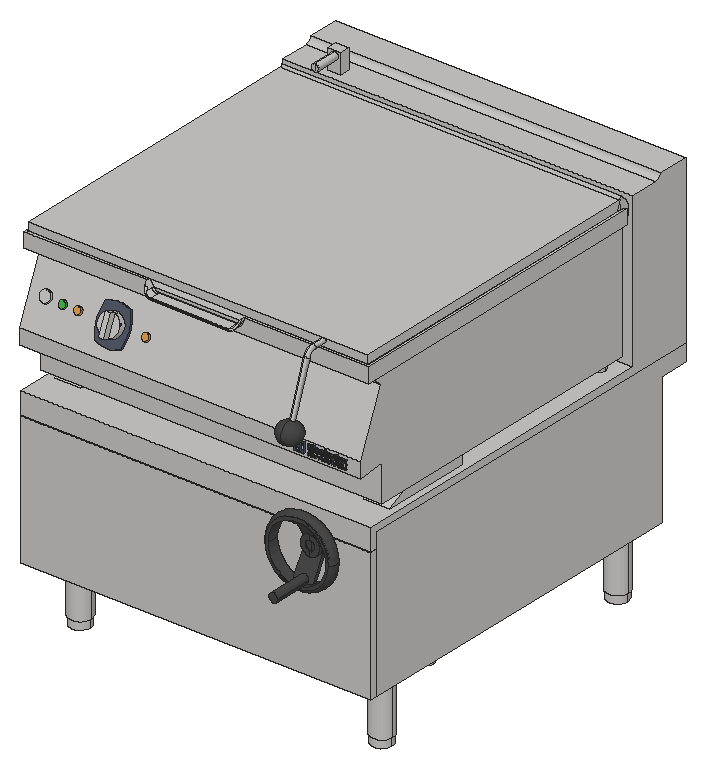
Revit family "QF_ELECTROLUXPROFESSIONAL_391416_E9PPBDBAME", category Specialty Equipment, Revit 2018
Family settings
  Round Connector Dimension = Use Diameter
  Part Type = Normal
  Work Plane-Based = No
  Always vertical = Yes
  Cut with Voids When Loaded = No
  Shared = No
  Room Calculation Point = No
Parameters (values of type "Standard")
  Weight = 150.00 kg
  Watts = 0 W
  Volts = 380 V
  URL Manufacturer = "https://www.electroluxprofessional.com/"
  URL = "https://www.electroluxprofessional.com/"
  Steam Supply Size = 0"
  Steam Supply Minimum Pressure = 0.00 psi
  Steam Supply Maximum Pressure = 0.00 psi
  Steam Pounds per Hour = 0
  Show Logo [instance] = yes
  Show Clearance [instance] = yes
  Refrigeration Suction Line Size = 0 mm
  Refrigeration Liquid Line Size = 0 mm
  Refrigerant Compressor Remote = yes
  Phase = 3
  Model = "E9PPBDBAME"
  Manufacturer = "Electrolux Professional"
  Length Actual = 800 mm  # constant formula
  Item Number = "391416"
  Hot Water Size = 0"
  Height Actual = 850 mm  # constant formula
  HP = "17.4 HP"
  Gas Size = 0"
  Gas KW = 0
  Gas Input Pressure = 0.0 Btu/h
  Direct Waste Size = 0"
  Description = "80LT EL.BRATT PAN DUOMAT BOTTOM (AUS)"
  Depth Actual = 930 mm  # constant formula
  Cycle = 50 Hz
  Condensate Return Size = 0"
  Compressed Air Volume = 0 GPM
  Compressed Air Size = 0"
  Compressed Air Pressure = 0.00 psi
  Cold Water Size = 3/4"
  Assembly Code = ""
  Accessory = yes
Reference planes
  plane 1 "BACK": y = 0
  plane 2: z = 0
  plane 3 "LEFT": x = 0
  plane 4 "RIGHT": x = 800
  plane 5 "FRONT": y = -915
  plane 6 "TOP": z = 898
  plane 7 "Center Y": x = 400
  plane 8 "Center X": y = -457.5
  plane 9 "Base": z = 149
  plane 10: z = 502.193
  plane 11: z = 1653
  plane 12: y = -125
  plane 13: y = -799
  plane 14: y = -1034
  plane 15: x = 55
  plane 16: y = -160.853
  plane 17: x = 745
  plane 18: y = -1014
  plane 19: y = -899.182
  plane 20: x = 786
  plane 21: z = 850
  plane 22: x = 389
  plane 23: y = -702.182
  plane 24: y = -760.182
  plane 25: x = 340
Forms (mm)
  Revolve 1, solid, material "QF_Finishes_Stainless Steel"
    sketch origin (0, -125, 0) x (1, 0, 0) y (0, 0, 1)
      loop
        line (55, 0) -> (55, 149) -> (29.6, 149) -> (29.6, 19.05) -> (32.1, 19.05) -> (32.1, 0) -> (55, 0)
      axis (55, 0) -> (55, 149)
    angle from 0 to 360
  Revolve 2, solid, material "QF_Finishes_Stainless Steel"
    sketch origin (0, -799, 0) x (1, 0, 0) y (0, 0, 1)
      loop
        line (55, 0) -> (55, 149) -> (29.6, 149) -> (29.6, 19.05) -> (32.1, 19.05) -> (32.1, 0) -> (55, 0)
      axis (55, 0) -> (55, 149)
    angle from 0 to 360
  Extrusion 3, solid, material "QF_Finishes_Stainless Steel"
    sketch origin (0, -214.682, 0) x (0, 1, 0) y (0, 0, 1)
      loop
        line (214.682, 487.193) -> (214.682, 866.248) -> (143.055, 866.248)
        arc (143.055, 866.248) -> (139.432, 857.502) -> (130.686, 853.88) r 12.368
        line (130.686, 853.88) -> (64.682, 853.88) -> (64.682, 502.193) -> (-684.5, 502.193) -> (-684.5, 452.193) -> (-669.5, 452.193) -> (-669.5, 487.193) -> (214.682, 487.193)
      loop
        line (-669.5, 149) -> (-669.5, 451.193) -> (-684.5, 451.193) -> (-684.5, 149) -> (-669.5, 149)
    from 0 to 800
  Extrusion 4, solid, material "QF_Finishes_Stainless Steel"
    sketch origin (0, -214.682, 0) x (0, 1, 0) y (0, 0, 1)
      loop
        line (44.029, 528.406) -> (44.029, 817.127) -> (-678.5, 817.127) -> (-678.5, 809.681) -> (-643.264, 774.446) -> (-700.318, 641.094) -> (-700.318, 606.094) -> (-640.765, 613.406) -> (-640.765, 528.406) -> (44.029, 528.406)
    from 10 to 790
  Sweep 5, solid, material "QF_Finishes_Stainless Steel"
    path origin (0, -204.882, 145) x (-1, 0, 0) y (0, -1, 0)
      loop
        line (-290, 694.3) -> (-5, 694.3) -> (-5, -44.029) -> (-795, -44.029) -> (-795, 694.3) -> (-510, 694.3)
    profile origin (652.5, -899.182, 145) x (0, -1, 0) y (0, 0, 1)
      loop
        line (-5, 651.359) -> (0, 651.359) -> (0, 685.301) -> (-6, 685.301) -> (-6, 681.062) -> (-5, 681.062) -> (-5, 651.359)
  Extrusion 6, solid, material "QF_Finishes_Stainless Steel"
    sketch origin (0, -214.682, -5) x (0, 1, 0) y (0, 0, 1)
      loop
        line (33.715, 835.301) -> (42.572, 855) -> (-677.138, 855) -> (-677.138, 835.301) -> (33.715, 835.301)
      loop
        arc (64.305, 837.022) -> (57.071, 850.749) -> (45.92, 861.539) r 49.182
        line (45.92, 861.539) -> (39.069, 846.301) -> (45.904, 846.301) -> (45.904, 832.604) -> (64.305, 814.204) -> (64.305, 837.022)
    from 12.363 to 787.637
  Extrusion 7, solid, material "QF_Finishes_Stainless Steel"
    sketch origin (0, -214.682, 0) x (0, 1, 0) y (0, 0, 1)
      loop
        line (-403.818, 528.406) -> (-556.057, 528.406) -> (-609.801, 502.193) -> (-403.818, 502.193) -> (-403.818, 528.406)
    from 16.63 to 76.513
  Extrusion 8, solid, material "QF_Finishes_Stainless Steel"
    sketch origin (0, -207.182, 150) x (-1, 0, 0) y (0, -1, 0)
      loop
        circle (-46.571, -17.496) r 15
      loop
        circle (-753.429, -17.496) r 15
    from 352.193 to 383.406
  Extrusion 9, solid, material "QF_Finishes_Stainless Steel"
    sketch origin (0, -64.682, 0) x (0, 1, 0) y (0, 0, 1)
      loop
        line (-43.387, 853.88) -> (-43.387, 898) -> (-67.444, 898) -> (-67.444, 853.88) -> (-43.387, 853.88)
    from 87.469 to 116.843
  Revolve 10, solid, material "QF_Finishes_Stainless Steel"
    sketch origin (103.25, -64.682, 0) x (0, 1, 0) y (0, 0, 1)
      loop
        line (-67.444, 888.097) -> (-67.444, 896.222) -> (-123.629, 896.222) -> (-123.629, 888.097) -> (-67.444, 888.097)
      axis (-123.629, 888.097) -> (-67.444, 888.097)
    angle from 0 to 360
  Extrusion 11, solid, material "QF_Clearances", visible <- "Show Clearance", detail levels coarse
    sketch origin (0, -214.682, 0) x (1, 0, 0) y (0, 1, 0)
      loop
        line (800, 214.682) -> (800, -700.318) -> (850, -700.318) -> (850, 264.682) -> (-50, 264.682) -> (-50, -700.318) -> (0, -700.318) -> (0, 214.682) -> (800, 214.682)
    from 0 to 898
  Extrusion 12, solid, material "QF_Finishes_Stainless Steel"
    sketch origin (800, 0, 0) x (0, 1, 0) y (0, 0, 1)
      loop
        line (-884.182, 149) -> (-69, 149) -> (-69, 448) -> (0, 448) -> (0, 487.193) -> (-884.182, 487.193) -> (-884.182, 149)
    from 0 to -800
  Revolve 13, solid, material "QF_Finishes_Stainless Steel"
    sketch origin (1000, -125, 0) x (-1, 0, 0) y (0, 0, -1)
      loop
        line (255, 0) -> (232.1, 0) -> (232.1, -19.05) -> (229.6, -19.05) -> (229.6, -149) -> (255, -149) -> (255, 0)
      axis (255, 0) -> (255, -149)
    angle from 0 to 360
  Revolve 14, solid, material "QF_Finishes_Stainless Steel"
    sketch origin (1000, -799, 0) x (-1, 0, 0) y (0, 0, -1)
      loop
        line (255, 0) -> (232.1, 0) -> (232.1, -19.05) -> (229.6, -19.05) -> (229.6, -149) -> (255, -149) -> (255, 0)
      axis (255, 0) -> (255, -149)
    angle from 0 to 360
  Sweep 15, solid, material "QF_Finishes_Stainless Steel"
    path origin (8.84, -214.682, -10) x (0, 1, 0) y (0, 0, 1)
      loop
        line (-677.138, 852.831) -> (-705.492, 852.831)
        arc (-705.492, 852.831) -> (-716.963, 849.214) -> (-724.286, 839.672) r 20
        line (-724.286, 839.672) -> (-765.322, 726.924)
    profile origin (8.84, -905.997, 842.831) x (0, 0, -1) y (1, 0, 0)
      loop
        circle (0, 676.16) r 5
  Revolve 16, solid, material "QF_Finishes_Black"
    sketch origin (685, -194.682, 0) x (0, 1, 0) y (0, 0, 1)
      loop
        line (-785.322, 716.924) -> (-792.738, 719.623)
        arc (-792.738, 719.623) -> (-818.978, 701.075) -> (-800.713, 674.638) r 22.845
        line (-800.713, 674.638) -> (-785.322, 716.924)
      axis (-785.322, 716.924) -> (-800.713, 674.638)
    angle from 0 to 360
  Extrusion 17, solid, material "QF_Finishes_Stainless Steel"
    sketch origin (800, -69, 149) x (-1, 0, 0) y (0, 1, 0)
      loop
        circle (14, -649.182) r 12.7
    from 0 to 5
  Extrusion 18, solid, material "QF_Finishes_Stainless Steel"
    sketch origin (-3.75, -899.182, 149) x (0, 0, 1) y (-1, 0, 0)
      loop
        circle (289.443, -688.75) r 30
    from 0 to 5
  Extrusion 19, solid, material "QF_Finishes_Stainless Steel"
    sketch origin (800, -214.682, 0) x (0, 1, 0) y (0, 0, -1)
      loop
        line (-403.818, -528.406) -> (-403.818, -502.193) -> (-609.801, -502.193) -> (-556.057, -528.406) -> (-403.818, -528.406)
    from 16.63 to 76.513
  Revolve 20, solid, material "QF_Finishes_Black"
    sketch origin (685, -200.682, -28.57) x (0, 1, 0) y (0, 0, 1)
      loop
        line (-698.5, 467.193) -> (-698.5, 477.193) -> (-713.5, 477.193) -> (-713.5, 482.193) -> (-718.5, 482.193) -> (-718.5, 489.514) -> (-728.5, 489.514) -> (-728.5, 478.353) -> (-727.138, 478.353) -> (-727.138, 467.193) -> (-698.5, 467.193)
      axis (-698.5, 467.193) -> (-728.5, 467.193)
    angle from 0 to 360
  Sweep 21, solid, material "QF_Finishes_Black"
    path origin (10, -200.682, -28.57) x (1, 0, 0) y (0, 0, 1)
      loop
        circle (675, 467.193) r 80
    profile origin (685, -200.682, 518.623) x (0, 0, -1) y (0, -1, 0)
      loop
        arc (7.394, 765.784) -> (0.586, 756.102) -> (1.641, 744.313) r 17.21
        line (1.641, 744.313) -> (7.394, 740.784) -> (14.116, 740.784) -> (14.116, 765.784) -> (7.394, 765.784)
  Extrusion 22, solid, material "QF_Finishes_Black"
    sketch origin (10, -200.682, -28.57) x (0, 1, 0) y (0, 0, 1)
      loop
        line (-713.5, 457.193) -> (-713.5, 477.193) -> (-744.313, 533.065) -> (-751.622, 533.065) -> (-719.104, 474.103) -> (-719.104, 460.284) -> (-751.622, 401.321) -> (-744.313, 401.321) -> (-713.5, 457.193)
    from 654.029 to 698.392
  Extrusion 23, solid, material "QF_Finishes_Black"
    sketch origin (10, -200.682, -28.57) x (1, 0, 0) y (0, 0, 1)
      loop
        circle (675, 406.31) r 10
    from 742.86 to 833.318
  Extrusion 24, solid, material "QF_Finishes_Stainless Steel"
    sketch origin (0, -201.682, -15.905) x (1, 0, 0) y (0, 0, 1)
      loop
        line (509.996, 839.805) -> (509.996, 846.205) -> (502.677, 833.527)
        arc (502.677, 833.527) -> (496.674, 827.524) -> (488.474, 825.327) r 16.4
        line (488.474, 825.327) -> (311.526, 825.327)
        arc (311.526, 825.327) -> (303.32, 827.526) -> (297.312, 833.534) r 16.413
        line (297.312, 833.534) -> (289.996, 846.205) -> (289.996, 839.805) -> (294.541, 831.934)
        arc (294.541, 831.934) -> (301.72, 824.755) -> (311.526, 822.127) r 19.613
        line (311.526, 822.127) -> (488.474, 822.127)
        arc (488.474, 822.127) -> (498.274, 824.753) -> (505.448, 831.927) r 19.6
        line (505.448, 831.927) -> (509.996, 839.805)
    from 697.5 to 717.595
  Extrusion 25, void
    sketch origin (900, 188.397, 1219.2) x (0, -1, 0) y (0, 0, 1)
      loop
        line (1110.167, -415.736) -> (1110.167, -387.945) -> (1093.05, -387.945) -> (1110.167, -415.736)
    from 390 to 610
  Extrusion 26, solid, material "QF_Finishes_Navy Blue"
    sketch origin (-55.546, -1052.067, 320.727) x (0, 0.393353, 0.919387) y (-1, 0, 0)
      loop
        arc (453.989, -230.321) -> (416.907, -221.34) -> (379.375, -228.202) r 91.844
        arc (379.375, -228.202) -> (372.249, -258.844) -> (379.375, -289.487) r 69.441
        arc (379.375, -289.487) -> (416.897, -296.198) -> (453.989, -287.419) r 93.759
        arc (453.989, -287.419) -> (460.218, -258.87) -> (453.989, -230.321) r 68.543
    from 0 to 3.175
  Extrusion 27, solid, material "QF_Finishes_Orange"
    sketch origin (9.372, -901.482, 672.689) x (0, 0.393353, 0.919387) y (-1, 0, 0)
      loop
        circle (34.513, -113.251) r 8
    from 0 to 3.175
  Extrusion 28, solid, material "QF_Finishes_Green"
    sketch origin (14.068, -901.51, 672.624) x (0, 0.393353, 0.919387) y (-1, 0, 0)
      loop
        circle (34.513, -73.251) r 8
    from 0 to 3.175
  Extrusion 29, solid, material "QF_Finishes_Stainless Steel"
    sketch origin (-159.296, -918.156, 641.79) x (0, 0.393353, 0.919387) y (-1, 0, 0)
      loop
        circle (68.826, -362.213) r 25.4
    from 0 to 12.7
  Extrusion 30, solid, material "QF_Finishes_Stainless Steel"
    sketch origin (-159.296, -929.832, 646.786) x (0, 0.393353, 0.919387) y (-1, 0, 0)
      loop
        arc (93.558, -367.999) -> (94.226, -362.213) -> (93.558, -356.427) r 25.4
        line (93.558, -356.427) -> (44.094, -356.427)
        arc (44.094, -356.427) -> (43.426, -362.213) -> (44.094, -367.999) r 25.4
        line (44.094, -367.999) -> (93.558, -367.999)
    from 0 to 12.7
  Extrusion 31, solid, material "QF_Finishes_Stainless Steel"
    sketch origin (10.937, -915, 641.094) x (0, 0.393353, 0.919387) y (-1, 0, 0)
      loop
        circle (71.473, -36.635) r 12.7
    from 0 to 3.2
  Extrusion 32, solid, material "QF_Finishes_Orange"
    sketch origin (164.372, -901.482, 672.689) x (0, 0.393353, 0.919387) y (-1, 0, 0)
      loop
        circle (34.513, -113.251) r 8
    from 0 to 3.175
  Extrusion 33, solid, material "QF_Clearances", visible <- "Show Clearance", detail levels coarse
    sketch origin (0, -996.643, 709.193) x (0, 0.238373, -0.971174) y (0, 0.971174, 0.238373)
      loop
        line (33.715, 835.301) -> (42.572, 855) -> (-677.138, 855) -> (-677.138, 835.301) -> (33.715, 835.301)
      loop
        arc (64.305, 837.022) -> (57.071, 850.749) -> (45.92, 861.539) r 49.182
        line (45.92, 861.539) -> (39.069, 846.301) -> (45.904, 846.301) -> (45.904, 832.604) -> (64.305, 814.204) -> (64.305, 837.022)
    from 12.363 to 787.637
  Sweep 34, solid, material "QF_Clearances", visible <- "Show Clearance", detail levels coarse
    path origin (8.84, -1001.499, 708.002) x (0, 0.238373, -0.971174) y (0, 0.971174, 0.238373)
      loop
        line (-677.138, 852.831) -> (-705.492, 852.831)
        arc (-705.492, 852.831) -> (-716.963, 849.214) -> (-724.286, 839.672) r 20
        line (-724.286, 839.672) -> (-765.322, 726.924)
    profile origin (8.84, -338.043, 1582.68) x (0, -0.971174, -0.238373) y (1, 0, 0)
      loop
        circle (0, 676.16) r 5
  Revolve 35, solid, material "QF_Clearances", visible <- "Show Clearance", detail levels coarse
    sketch origin (685, -987.02, 690.962) x (0, 0.238373, -0.971174) y (0, 0.971174, 0.238373)
      loop
        line (-785.322, 716.924) -> (-792.738, 719.623)
        arc (-792.738, 719.623) -> (-818.978, 701.075) -> (-800.713, 674.638) r 22.845
        line (-800.713, 674.638) -> (-785.322, 716.924)
      axis (-785.322, 716.924) -> (-800.713, 674.638)
    angle from 0 to 360
  Extrusion 36, solid, material "QF_Finishes_Navy Blue", visible <- "Show Logo"
    sketch origin (486.175, -915, 608.853) x (0, 0, 1) y (-1, 0, 0)
      loop
        line (26.951, -165.54) -> (5.387, -165.54)
        arc (5.387, -165.54) -> (16.169, -173.512) -> (26.951, -165.54) r 11.278
      loop
        arc (26.951, -164.444) -> (24.913, -155.475) -> (16.794, -151.154) r 11.052
        line (16.794, -151.154) -> (16.794, -154.722)
        arc (16.794, -154.722) -> (19.381, -161.095) -> (25.39, -164.444) r 10.359
        line (25.39, -164.444) -> (26.951, -164.444)
      loop
        arc (6.948, -164.444) -> (12.957, -161.095) -> (15.544, -154.722) r 10.359
        line (15.544, -154.722) -> (15.544, -151.154)
        arc (15.544, -151.154) -> (7.358, -155.468) -> (5.11, -164.444) r 11.341
        line (5.11, -164.444) -> (6.948, -164.444)
      loop
        line (28.128, -150.336) -> (4.161, -150.336) -> (4.161, -174.336) -> (28.128, -174.336) -> (28.128, -150.336)
      loop
        spline (16.361, -188.464) -> (16.369, -188.263) -> (16.397, -188.049) -> (16.447, -187.828) -> (16.523, -187.605) -> (16.628, -187.386) -> (16.766, -187.177) -> (16.939, -186.985) -> (17.152, -186.814) -> (17.407, -186.671) -> (17.709, -186.562) -> (18.059, -186.492) -> (18.462, -186.467)
        line (18.462, -186.467) -> (20.251, -186.467) -> (20.251, -192.37) -> (22.531, -192.37) -> (22.531, -186.466) -> (25.85, -186.466) -> (25.85, -192.746) -> (28.124, -192.746) -> (28.124, -184.05) -> (18.566, -184.05)
        spline (18.566, -184.05) -> (17.978, -184.071) -> (17.424, -184.137) -> (16.905, -184.248) -> (16.424, -184.406) -> (15.983, -184.612) -> (15.583, -184.866) -> (15.226, -185.171) -> (14.914, -185.528) -> (14.649, -185.937) -> (14.434, -186.401) -> (14.269, -186.919) -> (14.157, -187.495)
        line (14.157, -187.495) -> (14.089, -188.444) -> (14.089, -192.915) -> (16.361, -192.915) -> (16.361, -188.464)
      loop
        line (21.492, -194.632) -> (14.086, -194.632) -> (14.086, -197.049) -> (28.128, -197.049) -> (28.128, -194.632) -> (21.492, -194.632)
      loop
        spline (18.571, -208.979) -> (19.331, -208.995) -> (20.067, -208.922) -> (20.77, -208.763) -> (21.436, -208.522) -> (22.055, -208.2) -> (22.623, -207.802) -> (23.132, -207.331) -> (23.576, -206.789) -> (23.947, -206.18) -> (24.24, -205.507) -> (24.447, -204.772) -> (24.561, -203.98)
        spline (24.561, -203.98) -> (24.517, -203.228) -> (24.388, -202.513) -> (24.178, -201.84) -> (23.889, -201.216) -> (23.524, -200.646) -> (23.088, -200.134) -> (22.582, -199.687) -> (22.011, -199.309) -> (21.378, -199.005) -> (20.686, -198.782) -> (19.937, -198.644) -> (19.137, -198.597)
        spline (19.137, -198.597) -> (18.356, -198.643) -> (17.626, -198.777) -> (16.949, -198.995) -> (16.331, -199.293) -> (15.772, -199.666) -> (15.278, -200.111) -> (14.851, -200.623) -> (14.494, -201.198) -> (14.211, -201.832) -> (14.005, -202.519) -> (13.878, -203.257) -> (13.836, -204.041)
        spline (13.836, -204.041) -> (13.845, -204.424) -> (13.874, -204.802) -> (13.924, -205.175) -> (13.997, -205.545) -> (14.096, -205.909) -> (14.223, -206.27) -> (14.378, -206.625) -> (14.564, -206.976) -> (14.783, -207.322) -> (15.037, -207.664) -> (15.328, -208) -> (15.657, -208.331)
        line (15.657, -208.331) -> (17.073, -206.874)
        spline (17.073, -206.874) -> (16.889, -206.682) -> (16.719, -206.489) -> (16.566, -206.293) -> (16.427, -206.093) -> (16.305, -205.887) -> (16.198, -205.673) -> (16.108, -205.449) -> (16.033, -205.213) -> (15.975, -204.965) -> (15.933, -204.701) -> (15.908, -204.421) -> (15.9, -204.122)
        spline (15.9, -204.122) -> (15.921, -203.685) -> (15.985, -203.275) -> (16.089, -202.893) -> (16.233, -202.542) -> (16.413, -202.224) -> (16.628, -201.939) -> (16.878, -201.691) -> (17.159, -201.479) -> (17.471, -201.308) -> (17.811, -201.177) -> (18.178, -201.089) -> (18.571, -201.046)
        line (18.571, -201.046) -> (18.571, -208.979)
      loop
        spline (20.271, -206.55) -> (20.57, -206.527) -> (20.857, -206.458) -> (21.131, -206.348) -> (21.387, -206.199) -> (21.624, -206.014) -> (21.839, -205.797) -> (22.028, -205.55) -> (22.189, -205.276) -> (22.32, -204.98) -> (22.416, -204.663) -> (22.476, -204.329) -> (22.497, -203.98)
        spline (22.497, -203.98) -> (22.476, -203.607) -> (22.417, -203.248) -> (22.322, -202.905) -> (22.194, -202.584) -> (22.034, -202.285) -> (21.847, -202.013) -> (21.633, -201.77) -> (21.396, -201.56) -> (21.139, -201.385) -> (20.864, -201.25) -> (20.574, -201.156) -> (20.271, -201.107)
        line (20.271, -201.107) -> (20.271, -206.55)
      loop
        spline (19.198, -212.675) -> (19.648, -212.703) -> (20.074, -212.784) -> (20.475, -212.915) -> (20.846, -213.093) -> (21.184, -213.314) -> (21.487, -213.576) -> (21.752, -213.875) -> (21.976, -214.207) -> (22.155, -214.571) -> (22.286, -214.961) -> (22.368, -215.376) -> (22.395, -215.812)
        spline (22.395, -215.812) -> (22.387, -216.079) -> (22.362, -216.336) -> (22.321, -216.581) -> (22.264, -216.816) -> (22.192, -217.042) -> (22.105, -217.259) -> (22.002, -217.467) -> (21.886, -217.668) -> (21.755, -217.861) -> (21.611, -218.047) -> (21.453, -218.228) -> (21.283, -218.402)
        line (21.283, -218.402) -> (22.841, -219.9)
        spline (22.841, -219.9) -> (23.139, -219.602) -> (23.407, -219.295) -> (23.645, -218.979) -> (23.855, -218.656) -> (24.037, -218.324) -> (24.192, -217.985) -> (24.32, -217.639) -> (24.424, -217.286) -> (24.503, -216.926) -> (24.558, -216.56) -> (24.591, -216.189) -> (24.601, -215.812)
        spline (24.601, -215.812) -> (24.555, -215.057) -> (24.418, -214.333) -> (24.195, -213.648) -> (23.893, -213.008) -> (23.516, -212.418) -> (23.068, -211.886) -> (22.556, -211.419) -> (21.984, -211.021) -> (21.357, -210.701) -> (20.681, -210.465) -> (19.959, -210.318) -> (19.198, -210.268)
        spline (19.198, -210.268) -> (18.437, -210.318) -> (17.716, -210.465) -> (17.039, -210.701) -> (16.412, -211.021) -> (15.84, -211.419) -> (15.328, -211.886) -> (14.881, -212.418) -> (14.503, -213.008) -> (14.201, -213.648) -> (13.979, -214.333) -> (13.842, -215.057) -> (13.795, -215.812)
        spline (13.795, -215.812) -> (13.806, -216.189) -> (13.838, -216.56) -> (13.894, -216.926) -> (13.973, -217.286) -> (14.076, -217.639) -> (14.205, -217.985) -> (14.36, -218.324) -> (14.542, -218.656) -> (14.751, -218.979) -> (14.99, -219.295) -> (15.257, -219.602) -> (15.556, -219.9)
        line (15.556, -219.9) -> (17.114, -218.402)
        spline (17.114, -218.402) -> (16.943, -218.228) -> (16.786, -218.047) -> (16.641, -217.861) -> (16.511, -217.668) -> (16.394, -217.467) -> (16.292, -217.259) -> (16.204, -217.042) -> (16.132, -216.816) -> (16.075, -216.581) -> (16.034, -216.336) -> (16.009, -216.079) -> (16.001, -215.812)
        spline (16.001, -215.812) -> (16.029, -215.376) -> (16.11, -214.961) -> (16.242, -214.571) -> (16.421, -214.207) -> (16.644, -213.875) -> (16.909, -213.576) -> (17.212, -213.314) -> (17.551, -213.093) -> (17.922, -212.915) -> (18.322, -212.784) -> (18.748, -212.703) -> (19.198, -212.675)
      loop
        spline (16.358, -226.063) -> (16.354, -225.85) -> (16.37, -225.622) -> (16.41, -225.384) -> (16.477, -225.143) -> (16.575, -224.905) -> (16.708, -224.675) -> (16.88, -224.461) -> (17.095, -224.267) -> (17.357, -224.1) -> (17.669, -223.965) -> (18.036, -223.87) -> (18.462, -223.819)
        line (18.462, -223.819) -> (22.044, -223.819) -> (22.044, -226.018) -> (24.24, -226.018) -> (24.24, -223.822) -> (28.128, -223.822) -> (28.128, -221.405) -> (18.325, -221.405)
        spline (18.325, -221.405) -> (17.756, -221.457) -> (17.221, -221.55) -> (16.722, -221.687) -> (16.26, -221.867) -> (15.838, -222.093) -> (15.456, -222.365) -> (15.118, -222.685) -> (14.824, -223.053) -> (14.577, -223.471) -> (14.378, -223.94) -> (14.229, -224.46) -> (14.132, -225.034)
        line (14.132, -225.034) -> (14.086, -226.054) -> (16.358, -226.063)
      loop
        spline (24.381, -234.197) -> (24.407, -233.778) -> (24.399, -233.376) -> (24.36, -232.99) -> (24.289, -232.622) -> (24.188, -232.273) -> (24.058, -231.943) -> (23.901, -231.635) -> (23.716, -231.349) -> (23.505, -231.087) -> (23.27, -230.849) -> (23.011, -230.636) -> (22.73, -230.45)
        line (22.73, -230.45) -> (24.24, -230.45) -> (24.24, -228.052) -> (14.086, -228.052) -> (14.086, -230.45) -> (19.425, -230.45)
        spline (19.425, -230.45) -> (19.83, -230.472) -> (20.207, -230.537) -> (20.555, -230.643) -> (20.873, -230.788) -> (21.159, -230.972) -> (21.412, -231.192) -> (21.63, -231.448) -> (21.811, -231.736) -> (21.955, -232.056) -> (22.059, -232.406) -> (22.123, -232.784) -> (22.145, -233.189)
        line (22.145, -233.189) -> (22.044, -234.197) -> (24.381, -234.197)
      loop
        spline (19.163, -245.648) -> (19.908, -245.597) -> (20.618, -245.45) -> (21.287, -245.212) -> (21.909, -244.892) -> (22.48, -244.494) -> (22.993, -244.026) -> (23.443, -243.494) -> (23.823, -242.904) -> (24.129, -242.265) -> (24.354, -241.581) -> (24.494, -240.86) -> (24.542, -240.108)
        spline (24.542, -240.108) -> (24.494, -239.351) -> (24.354, -238.627) -> (24.129, -237.941) -> (23.823, -237.301) -> (23.443, -236.712) -> (22.993, -236.181) -> (22.48, -235.714) -> (21.909, -235.318) -> (21.287, -234.999) -> (20.618, -234.763) -> (19.908, -234.617) -> (19.163, -234.567)
        spline (19.163, -234.567) -> (18.418, -234.617) -> (17.708, -234.763) -> (17.039, -234.999) -> (16.417, -235.318) -> (15.846, -235.714) -> (15.333, -236.181) -> (14.883, -236.712) -> (14.502, -237.301) -> (14.197, -237.941) -> (13.971, -238.627) -> (13.831, -239.351) -> (13.784, -240.108)
        spline (13.784, -240.108) -> (13.831, -240.86) -> (13.971, -241.581) -> (14.197, -242.265) -> (14.502, -242.904) -> (14.883, -243.494) -> (15.333, -244.026) -> (15.846, -244.494) -> (16.417, -244.892) -> (17.039, -245.212) -> (17.708, -245.45) -> (18.418, -245.597) -> (19.163, -245.648)
      loop
        spline (19.163, -243.25) -> (19.602, -243.222) -> (20.021, -243.14) -> (20.417, -243.008) -> (20.785, -242.829) -> (21.123, -242.606) -> (21.427, -242.344) -> (21.693, -242.044) -> (21.919, -241.71) -> (22.101, -241.347) -> (22.235, -240.956) -> (22.318, -240.542) -> (22.346, -240.108)
        spline (22.346, -240.108) -> (22.318, -239.669) -> (22.235, -239.252) -> (22.101, -238.86) -> (21.919, -238.496) -> (21.693, -238.163) -> (21.427, -237.864) -> (21.123, -237.602) -> (20.785, -237.381) -> (20.417, -237.204) -> (20.021, -237.073) -> (19.602, -236.993) -> (19.163, -236.965)
        spline (19.163, -236.965) -> (18.723, -236.993) -> (18.304, -237.073) -> (17.909, -237.204) -> (17.541, -237.381) -> (17.203, -237.602) -> (16.899, -237.864) -> (16.632, -238.163) -> (16.406, -238.496) -> (16.225, -238.86) -> (16.091, -239.252) -> (16.008, -239.669) -> (15.979, -240.108)
        spline (15.979, -240.108) -> (16.008, -240.542) -> (16.091, -240.956) -> (16.225, -241.347) -> (16.406, -241.71) -> (16.632, -242.044) -> (16.899, -242.344) -> (17.203, -242.606) -> (17.541, -242.829) -> (17.909, -243.008) -> (18.304, -243.14) -> (18.723, -243.222) -> (19.163, -243.25)
      loop
        line (21.735, -247.134) -> (14.086, -247.134) -> (14.086, -249.553) -> (28.128, -249.553) -> (28.128, -247.134) -> (21.735, -247.134)
      loop
        line (24.24, -258.272) -> (18.337, -258.272)
        spline (18.337, -258.272) -> (17.953, -258.252) -> (17.607, -258.196) -> (17.298, -258.104) -> (17.025, -257.979) -> (16.788, -257.824) -> (16.584, -257.639) -> (16.415, -257.429) -> (16.277, -257.194) -> (16.172, -256.937) -> (16.098, -256.66) -> (16.054, -256.365) -> (16.04, -256.055)
        spline (16.04, -256.055) -> (16.054, -255.745) -> (16.098, -255.45) -> (16.172, -255.173) -> (16.277, -254.916) -> (16.413, -254.682) -> (16.582, -254.471) -> (16.784, -254.287) -> (17.019, -254.132) -> (17.29, -254.007) -> (17.595, -253.915) -> (17.937, -253.859) -> (18.316, -253.839)
        line (18.316, -253.839) -> (24.24, -253.839) -> (24.24, -251.401) -> (18.115, -251.401)
        spline (18.115, -251.401) -> (17.421, -251.445) -> (16.79, -251.57) -> (16.22, -251.771) -> (15.713, -252.043) -> (15.267, -252.379) -> (14.881, -252.774) -> (14.556, -253.221) -> (14.292, -253.715) -> (14.086, -254.249) -> (13.94, -254.818) -> (13.853, -255.415) -> (13.824, -256.035)
        spline (13.824, -256.035) -> (13.853, -256.661) -> (13.942, -257.263) -> (14.09, -257.836) -> (14.298, -258.375) -> (14.567, -258.873) -> (14.896, -259.324) -> (15.287, -259.722) -> (15.74, -260.061) -> (16.254, -260.335) -> (16.832, -260.538) -> (17.472, -260.665) -> (18.176, -260.708)
        line (18.176, -260.708) -> (24.24, -260.708) -> (24.24, -258.272)
      loop
        line (17.333, -269.856) -> (19.465, -268.331) -> (22.037, -270.219) -> (24.239, -271.836) -> (24.239, -269.197) -> (21.197, -267) -> (24.239, -264.785) -> (24.239, -262.166) -> (22.185, -263.668) -> (19.445, -265.671) -> (16.52, -263.571) -> (14.086, -261.823) -> (14.086, -264.422) -> (17.672, -267) -> (14.086, -269.579) -> (14.086, -272.178) -> (17.333, -269.856)
      loop
        line (9.015, -185.409) -> (9.015, -183.539) -> (4.161, -183.539) -> (4.161, -184.537) -> (5.806, -184.537) -> (5.806, -185.409)
        arc (5.806, -185.409) -> (7.41, -187.014) -> (9.015, -185.409) r 1.605
      loop
        arc (6.731, -185.476) -> (7.41, -186.056) -> (8.089, -185.476) r 0.687
        line (8.089, -185.476) -> (8.089, -184.537) -> (6.731, -184.537) -> (6.731, -185.476)
      loop
        line (9.015, -193.025) -> (9.015, -191.122) -> (4.161, -191.122) -> (4.161, -192.12) -> (5.833, -192.12) -> (5.833, -192.986) -> (4.161, -193.838) -> (4.161, -194.971) -> (6.078, -193.806)
        arc (6.078, -193.806) -> (6.645, -194.415) -> (7.45, -194.627) r 1.499
        arc (7.45, -194.627) -> (8.559, -194.145) -> (9.015, -193.025) r 1.602
      loop
        line (8.097, -193.005) -> (8.097, -192.12) -> (6.743, -192.12) -> (6.743, -193.005)
        arc (6.743, -193.005) -> (7.42, -193.556) -> (8.097, -193.005) r 0.691
      loop
        circle (6.588, -201.168) r 2.521
      loop
        circle (6.588, -201.168) r 1.6
      loop
        line (9.015, -207.864) -> (4.161, -207.864) -> (4.161, -208.862) -> (6.156, -208.862) -> (6.156, -210.689) -> (7.073, -210.689) -> (7.073, -208.862) -> (8.098, -208.862) -> (8.098, -210.864) -> (9.015, -210.864) -> (9.015, -207.864)
      loop
        line (9.015, -214.982) -> (5.735, -214.982)
        arc (5.735, -214.982) -> (4.623, -215.429) -> (4.161, -216.535) r 1.554
        line (4.161, -216.535) -> (4.161, -218.103) -> (5.078, -218.103) -> (5.078, -216.944)
        arc (5.078, -216.944) -> (5.427, -216.196) -> (6.223, -215.98) r 0.979
        line (6.223, -215.98) -> (6.223, -217.921) -> (7.141, -217.921) -> (7.141, -215.98) -> (8.098, -215.98) -> (8.098, -218.056) -> (9.015, -218.056) -> (9.015, -214.982)
      loop
        line (7.742, -224.632) -> (8.234, -225.349)
        arc (8.234, -225.349) -> (8.882, -224.684) -> (9.095, -223.78) r 1.738
        arc (9.095, -223.78) -> (8.894, -222.994) -> (8.386, -222.36) r 1.926
        arc (8.386, -222.36) -> (7.749, -222.275) -> (7.12, -222.404) r 1.936
        arc (7.12, -222.404) -> (6.653, -222.836) -> (6.356, -223.4) r 1.881
        arc (6.356, -223.4) -> (6.185, -223.835) -> (5.972, -224.252) r 4.917
        arc (5.972, -224.252) -> (5.357, -224.498) -> (4.996, -223.943) r 0.523
        arc (4.996, -223.943) -> (5.232, -223.24) -> (5.739, -222.7) r 1.738
        line (5.739, -222.7) -> (5.26, -221.938)
        arc (5.26, -221.938) -> (4.761, -222.24) -> (4.38, -222.681) r 1.867
        arc (4.38, -222.681) -> (4.141, -223.241) -> (4.08, -223.846) r 2.013
        arc (4.08, -223.846) -> (4.229, -224.594) -> (4.587, -225.268) r 2.629
        arc (4.587, -225.268) -> (5.379, -225.566) -> (6.211, -225.413) r 1.579
        arc (6.211, -225.413) -> (6.594, -225.08) -> (6.872, -224.656) r 1.83
        arc (6.872, -224.656) -> (7.111, -224.119) -> (7.318, -223.568) r 9.64
        arc (7.318, -223.568) -> (7.812, -223.25) -> (8.179, -223.71) r 0.439
        arc (8.179, -223.71) -> (8.066, -224.221) -> (7.742, -224.632) r 1.168
      loop
        line (9.015, -237.028) -> (4.161, -237.028) -> (4.161, -238.027) -> (9.015, -238.027) -> (9.015, -237.028)
      loop
        circle (6.588, -244.756) r 1.51
      loop
        circle (6.588, -244.756) r 2.521
      loop
        line (4.161, -251.452) -> (4.161, -252.461) -> (7.213, -252.461) -> (4.161, -254.682) -> (4.161, -255.652) -> (9.015, -255.652) -> (9.015, -254.644) -> (5.87, -254.644) -> (9.015, -252.423) -> (9.015, -251.452) -> (4.161, -251.452)
      loop
        line (4.161, -260.684) -> (5.208, -261.157) -> (5.208, -262.953) -> (4.161, -263.425) -> (4.161, -264.498) -> (9.015, -262.025) -> (4.161, -259.613) -> (4.161, -260.684)
      loop
        line (7.2, -262.055) -> (6.204, -261.605) -> (6.204, -262.505) -> (7.2, -262.055)
      loop
        line (5.078, -269.456) -> (9.015, -269.456) -> (9.015, -268.457) -> (4.161, -268.457) -> (4.161, -271.322) -> (5.078, -271.322) -> (5.078, -269.456)
      loop
        line (7.742, -231.965) -> (8.234, -232.682)
        arc (8.234, -232.682) -> (8.882, -232.017) -> (9.095, -231.114) r 1.738
        arc (9.095, -231.114) -> (8.894, -230.327) -> (8.386, -229.693) r 1.926
        arc (8.386, -229.693) -> (7.749, -229.609) -> (7.12, -229.737) r 1.936
        arc (7.12, -229.737) -> (6.653, -230.169) -> (6.356, -230.733) r 1.881
        arc (6.356, -230.733) -> (6.185, -231.168) -> (5.972, -231.586) r 4.917
        arc (5.972, -231.586) -> (5.357, -231.831) -> (4.996, -231.276) r 0.523
        arc (4.996, -231.276) -> (5.232, -230.573) -> (5.739, -230.033) r 1.738
        line (5.739, -230.033) -> (5.26, -229.271)
        arc (5.26, -229.271) -> (4.761, -229.573) -> (4.38, -230.015) r 1.867
        arc (4.38, -230.015) -> (4.141, -230.574) -> (4.08, -231.179) r 2.013
        arc (4.08, -231.179) -> (4.229, -231.928) -> (4.587, -232.602) r 2.629
        arc (4.587, -232.602) -> (5.379, -232.899) -> (6.211, -232.746) r 1.579
        arc (6.211, -232.746) -> (6.594, -232.414) -> (6.872, -231.989) r 1.83
        arc (6.872, -231.989) -> (7.111, -231.452) -> (7.318, -230.901) r 9.64
        arc (7.318, -230.901) -> (7.812, -230.583) -> (8.179, -231.043) r 0.439
        arc (8.179, -231.043) -> (8.066, -231.554) -> (7.742, -231.965) r 1.168
    from 0 to 1.644
  Extrusion 37, solid, material "QF_Finishes_Stainless Steel"
    sketch origin (290, -899.182, 830.301) x (-1, 0, 0) y (0, 0, -1)
      loop
        line (0.004, 33.941) -> (-220, 33.941) -> (-220, -0.006) -> (-212.677, 12.678)
        arc (-212.677, 12.678) -> (-206.674, 18.681) -> (-198.474, 20.878) r 16.4
        line (-198.474, 20.878) -> (-21.526, 20.878)
        arc (-21.526, 20.878) -> (-13.32, 18.679) -> (-7.312, 12.672) r 16.413
        line (-7.312, 12.672) -> (0.004, 0) -> (0.004, 33.941)
    from 0 to -6
  Extrusion 38, solid, material "QF_Finishes_Stainless Steel"
    sketch origin (0, 0, 0) x (0, 1, 0) y (0, 0, 1)
      loop
        circle (-760.182, 325) r 9.525
    from 350.873 to 389
  Extrusion 39, solid, material "QF_Finishes_Stainless Steel"
    sketch origin (0, -915, 0) x (1, 0, 0) y (0, 0, 1)
      loop
        circle (340, 220) r 6.35
    from -212.818 to -194.708
Cuts and joins
  Extrusion 25 cuts Extrusion 24
  joined: Sweep 5, Extrusion 24, Extrusion 37
Lines and regions (mm)
  symbolic lines
    curve 1: line (10, -915, 149) -> (197.131, -915, 149)
    curve 2: line (0, -899.182, 149) -> (280.622, -899.182, 149)
    curve 3: line (5, -160.853, 149) -> (5, -899.182, 149)
    curve 4: line (0, 0, 149) -> (0, -899.182, 149)
    curve 5: line (800, -899.182, 149) -> (800, 0, 149)
    curve 6: line (5, -160.853, 149) -> (95.125, -160.853, 149)
    curve 7: line (789, -171.653, 149) -> (111.375, -171.653, 149)
    curve 8: line (0, -71.628, 149) -> (800, -71.628, 149)
    curve 9: line (111.375, -160.853, 149) -> (795, -160.853, 149)
    curve 10: line (95.125, -172.111, 149) -> (12.363, -172.111, 149)
    curve 11: line (90.942, -172.111, 149) -> (90.942, -192.672, 149)
    curve 12: line (117.192, -171.653, 149) -> (117.192, -192.672, 149)
    curve 13: arc (90.942, -192.672, 149) -> (104.067, -205.797, 149) -> (117.192, -192.672, 149) r 13.125
    curve 14: line (504.543, -915, 149) -> (680, -915, 149)
    curve 15: line (12.363, -891.82, 149) -> (787.637, -891.82, 149)
    curve 16: line (0, 0, 149) -> (800, 0, 149)
    curve 20: line (680, -980.005, 149) -> (680, -891.82, 149)
    curve 21: line (690, -980.005, 149) -> (690, -891.82, 149)
    curve 22: spline (685, -987.42, 149) -> (686.603, -987.265, 149) -> (688.14, -986.808, 149) -> (689.545, -986.066, 149) -> (690.761, -985.072, 149) -> (691.737, -983.866, 149) -> (692.431, -982.499, 149) -> (692.815, -981.028, 149) -> (692.874, -979.515, 149) -> (692.604, -978.022, 149) -> (692.016, -976.611, 149) -> (691.136, -975.342, 149) -> (690, -974.268, 149)
    curve 23: spline (690, -980.005, 149) -> (689.957, -980.618, 149) -> (689.83, -981.221, 149) -> (689.619, -981.803, 149) -> (689.33, -982.354, 149) -> (688.967, -982.865, 149) -> (688.536, -983.327, 149) -> (688.044, -983.732, 149) -> (687.5, -984.074, 149) -> (686.913, -984.345, 149) -> (686.294, -984.543, 149) -> (685.653, -984.663, 149) -> (685, -984.703, 149)
    curve 24: spline (685, -984.703, 149) -> (684.347, -984.663, 149) -> (683.706, -984.543, 149) -> (683.087, -984.345, 149) -> (682.5, -984.074, 149) -> (681.956, -983.732, 149) -> (681.464, -983.327, 149) -> (681.033, -982.865, 149) -> (680.67, -982.354, 149) -> (680.381, -981.803, 149) -> (680.17, -981.221, 149) -> (680.043, -980.618, 149) -> (680, -980.005, 149)
    curve 25: spline (680, -974.268, 149) -> (678.864, -975.342, 149) -> (677.984, -976.611, 149) -> (677.396, -978.022, 149) -> (677.126, -979.515, 149) -> (677.185, -981.028, 149) -> (677.569, -982.499, 149) -> (678.263, -983.866, 149) -> (679.239, -985.072, 149) -> (680.455, -986.066, 149) -> (681.86, -986.808, 149) -> (683.397, -987.265, 149) -> (685, -987.42, 149)
    curve 26: line (95.125, -188.311, 149) -> (111.375, -188.311, 149)
    curve 27: line (95.125, -132.127, 149) -> (95.125, -188.311, 149)
    curve 28: line (111.375, -188.311, 149) -> (111.375, -132.127, 149)
    curve 29: line (87.469, -132.127, 149) -> (116.843, -132.127, 149)
    curve 30: line (87.469, -108.069, 149) -> (87.469, -132.127, 149)
    curve 31: line (116.843, -108.069, 149) -> (87.469, -108.069, 149)
    curve 32: line (116.843, -132.127, 149) -> (116.843, -108.069, 149)
    curve 33: arc (680, -961.314, 149) -> (685, -1014, 149) -> (690, -961.314, 149) r 26.58
    curve 34: line (695, -1034, 182) -> (695, -1012.047, 182)
    curve 35: line (675, -1034, 182) -> (675, -1012.047, 182)
    curve 36: line (675, -1034, 182) -> (695, -1034, 182)
    curve 37: line (757.606, -966.466, 182) -> (701.354, -966.466, 182)
    curve 38: line (612.394, -941.466, 182) -> (680, -941.466, 182)
    curve 39: line (606.641, -944.996, 182) -> (680, -944.996, 182)
    curve 40: arc (763.359, -944.996, 182) -> (764.431, -956.789, 182) -> (757.606, -966.466, 182) r 17.151
    curve 41: line (757.606, -941.466, 182) -> (763.359, -944.996, 182)
    curve 42: line (708.392, -915, 182) -> (708.392, -941.466, 182)
    curve 43: line (664.029, -941.466, 182) -> (664.029, -915, 182)
    curve 44: arc (606.641, -944.996, 182) -> (605.569, -956.789, 182) -> (612.394, -966.466, 182) r 17.151
    curve 45: line (612.394, -941.466, 182) -> (606.641, -944.996, 182)
    curve 46: line (690, -944.996, 182) -> (763.359, -944.996, 182)
    curve 47: line (690, -941.466, 182) -> (757.606, -941.466, 182)
    curve 48: line (612.394, -966.466, 182) -> (668.646, -966.466, 182)
    curve 49: line (0, -150, 182) -> (95.125, -150, 182)
    curve 50: line (800, -150, 182) -> (111.375, -150, 182)
    curve 51: line (12.363, -891.82, 149) -> (12.363, -172.111, 149)
    curve 52: line (787.637, -891.82, 149) -> (787.637, -171.653, 149)
    curve 53: line (790, -915, 182) -> (790, -899.182, 182)
    curve 54: line (10, -899.182, 182) -> (10, -915, 182)
    curve 55: line (795, -160.853, 149) -> (795, -899.182, 149)
    curve 56: line (197.131, -924.708, 149) -> (197.131, -899.182, 149)
    curve 57: line (208.703, -924.708, 149) -> (208.703, -899.182, 149)
    curve 58: line (197.131, -924.708, 149) -> (208.703, -924.708, 149)
    curve 59: line (197.131, -915.021, 149) -> (180.061, -915.021, 149)
    curve 60: line (208.703, -915.021, 149) -> (225.774, -915.021, 149)
    curve 61: spline (208.703, -912.487, 182) -> (212.151, -912.066, 182) -> (215.413, -911.457, 182) -> (218.422, -910.673, 182) -> (221.118, -909.728, 182) -> (223.446, -908.643, 182) -> (225.359, -907.438, 182) -> (226.819, -906.14, 182) -> (227.796, -904.772, 182) -> (228.27, -903.365, 182) -> (228.233, -901.945, 182) -> (227.683, -900.541, 182) -> (226.634, -899.182, 182)
    curve 62: spline (225.812, -907.085, 182) -> (226.505, -906.99, 182) -> (227.196, -906.892, 182) -> (227.884, -906.792, 182) -> (228.569, -906.688, 182) -> (229.251, -906.581, 182) -> (229.93, -906.472, 182) -> (230.606, -906.36, 182) -> (231.28, -906.245, 182) -> (231.95, -906.127, 182) -> (232.617, -906.007, 182) -> (233.28, -905.884, 182) -> (233.941, -905.758, 182)
    curve 63: spline (233.941, -905.758, 182) -> (234.472, -905.225, 182) -> (234.983, -904.689, 182) -> (235.472, -904.15, 182) -> (235.94, -903.608, 182) -> (236.386, -903.063, 182) -> (236.811, -902.515, 182) -> (237.215, -901.965, 182) -> (237.596, -901.413, 182) -> (237.956, -900.858, 182) -> (238.294, -900.302, 182) -> (238.609, -899.743, 182) -> (238.903, -899.182, 182)
    curve 64: spline (197.131, -912.487, 182) -> (193.683, -912.066, 182) -> (190.421, -911.457, 182) -> (187.412, -910.673, 182) -> (184.717, -909.728, 182) -> (182.389, -908.643, 182) -> (180.475, -907.438, 182) -> (179.015, -906.14, 182) -> (178.038, -904.772, 182) -> (177.564, -903.365, 182) -> (177.602, -901.945, 182) -> (178.151, -900.541, 182) -> (179.201, -899.182, 182)
    curve 65: spline (167.58, -899.182, 182) -> (167.88, -899.743, 182) -> (168.203, -900.303, 182) -> (168.549, -900.86, 182) -> (168.917, -901.415, 182) -> (169.307, -901.967, 182) -> (169.72, -902.517, 182) -> (170.154, -903.065, 182) -> (170.611, -903.61, 182) -> (171.09, -904.151, 182) -> (171.59, -904.69, 182) -> (172.112, -905.225, 182) -> (172.656, -905.758, 182)
    curve 66: spline (172.656, -905.758, 182) -> (173.244, -905.87, 182) -> (173.834, -905.98, 182) -> (174.427, -906.088, 182) -> (175.022, -906.194, 182) -> (175.62, -906.297, 182) -> (176.22, -906.398, 182) -> (176.823, -906.498, 182) -> (177.428, -906.594, 182) -> (178.036, -906.689, 182) -> (178.645, -906.781, 182) -> (179.257, -906.871, 182) -> (179.871, -906.959, 182)
    curve 67: line (208.703, -915, 149) -> (295.414, -915, 149)
    curve 68: line (519.371, -899.182, 182) -> (505.448, -914.035, 182)
    curve 69: spline (505.442, -914.033, 182) -> (504.902, -914.595, 182) -> (504.301, -915.14, 182) -> (503.641, -915.666, 182) -> (502.924, -916.17, 182) -> (502.153, -916.653, 182) -> (501.331, -917.111, 182) -> (500.459, -917.544, 182) -> (499.542, -917.95, 182) -> (498.582, -918.327, 182) -> (497.581, -918.675, 182) -> (496.544, -918.992, 182) -> (495.475, -919.277, 182)
    curve 70: line (304.523, -919.277, 182) -> (495.475, -919.277, 182)
    curve 71: line (294.541, -914.031, 182) -> (280.622, -899.182, 182)
    curve 72: spline (304.523, -919.277, 182) -> (303.452, -918.992, 182) -> (302.414, -918.675, 182) -> (301.413, -918.327, 182) -> (300.452, -917.949, 182) -> (299.534, -917.543, 182) -> (298.662, -917.11, 182) -> (297.838, -916.651, 182) -> (297.067, -916.168, 182) -> (296.35, -915.663, 182) -> (295.689, -915.137, 182) -> (295.087, -914.592, 182) -> (294.547, -914.029, 182)
    curve 73: line (519.371, -899.182, 149) -> (680, -899.182, 149)
    curve 74: line (690, -899.182, 149) -> (800, -899.182, 149)
    curve 75: line (690, -915, 149) -> (790, -915, 149)
  symbolic lines, style "QF_Clearances", visible <- "Show Clearance", detail levels coarse
    curve 17: line (-50, 50, 150) -> (-50, -918.182, 150)
    curve 18: line (850, 50, 150) -> (850, -915, 150)
    curve 19: line (850, 50, 150) -> (-50, 50, 150)
Dimensions and locks
  equal spacing: plane 3 "LEFT", plane 7 "Center Y", plane 4 "RIGHT"
  plane 3 "LEFT" to plane 4 "RIGHT" = 800 mm
  equal spacing: plane 5 "FRONT", plane 8 "Center X", plane 1 "BACK"
  plane 5 "FRONT" to plane 1 "BACK" = 915 mm  (x2)
  plane 21 to level = 850 mm
  plane 9 "Base" to level = 149 mm
  plane 11 to level = 1653 mm
  plane 11 to plane 2 = 1653 mm
  plane 9 "Base" to plane 2 = 149 mm
  plane 13 to plane 12 = 674 mm
  plane 1 "BACK" to plane 14 = 1034 mm  (x2)
  plane 6 "TOP" to plane 2 = 898 mm
  plane 14 to plane 1 "BACK" = 1034 mm
  plane 4 "RIGHT" to plane 17 to plane 15 to plane 3 "LEFT" = 55 mm, 690 mm, 55 mm
  plane 1 "BACK" to plane 18 = 1014 mm
  Extrusion 12 to plane 1 "BACK" = 69 mm
  Extrusion 6 to plane 9 "Base" = 701 mm
  plane 2 to Extrusion 12 = 448 mm
  Extrusion 3 to plane 13 = 100.182 mm
  plane 12 to Extrusion 12 = 56 mm
  plane 4 "RIGHT" to plane 20 = 14 mm
  plane 21 to plane 9 "Base" to level = 701 mm, 149 mm
  plane 1 "BACK" to Extrusion 12 = 69 mm
  Extrusion 12 to plane 12 = 56 mm
  plane 12 to plane 13 = 674 mm
  plane 13 to Extrusion 3 = 100.182 mm
  Extrusion 12 to level = 448 mm
  plane 6 "TOP" to level = 898 mm
  Extrusion 3 to Extrusion 17 = 181 mm
  Extrusion 17 to Extrusion 3 = 181 mm
  Extrusion 38 sketch curve to plane 9 "Base" = 176 mm
  plane 22 to plane 3 "LEFT" = 389 mm
  Extrusion 39 sketch curve to plane 3 "LEFT" = 340 mm
  Extrusion 39 sketch curve to plane 9 "Base" = 71 mm
  plane 23 to Extrusion 3 = 197 mm
  Extrusion 38 sketch curve to Extrusion 3 = 139 mm
  plane 24 to Extrusion 3 = 139 mm
  Extrusion 38 to plane 9 "Base" = 176 mm  (x2)
  Extrusion 12 to Extrusion 39 = 71 mm
  Extrusion 39 to plane 9 "Base" = 71 mm
  plane 25 to plane 3 "LEFT" = 340 mm
  aligned and locked: level to plane 2
  aligned and locked: Extrusion 12 to plane 3 "LEFT"
Automatic sketch dimensions
  plane 1 "BACK" to curve 16 = 0 mm
  curve 16 to plane 4 "RIGHT" = 0 mm
  plane 5 "FRONT" to curve 75 = 0 mm
  plane 5 "FRONT" to curve 14 = 0 mm
  plane 5 "FRONT" to curve 67 = 0 mm
  plane 5 "FRONT" to curve 1 = 0 mm
  curve 8 to plane 3 "LEFT" = 0 mm
  curve 55 to plane 4 "RIGHT" = 5 mm
  plane 20 to curve 75 = 4 mm
  plane 20 to curve 7 = 3 mm
  plane 20 to curve 15 = 1.637 mm
  plane 17 to curve 25 = 52.109 mm
  curve 22 to curve 25 = 0 mm
  curve 74 to plane 5 "FRONT" = 15.818 mm
  plane 17 to curve 74 = 55 mm
  curve 24 to curve 21 = 0 mm
  curve 21 to curve 23 = 5 mm
  curve 22 to curve 24 = 0 mm
  curve 33 to curve 22 = 0 mm  (x2)
  curve 73 to plane 5 "FRONT" = 15.818 mm
  plane 7 "Center Y" to curve 73 = 119.371 mm
  curve 73 to curve 14 = 14.828 mm
  plane 5 "FRONT" to curve 60 = 0.021 mm
  plane 5 "FRONT" to curve 59 = 0.021 mm
  curve 27 to curve 30 = 7.657 mm
  plane 3 "LEFT" to curve 15 = 12.363 mm
  plane 3 "LEFT" to curve 1 = 10 mm
  plane 3 "LEFT" to curve 6 = 5 mm
  plane 12 to curve 8 = 53.372 mm
  plane 12 to curve 31 = 16.931 mm
  curve 29 to plane 12 = 7.127 mm
  curve 9 to plane 12 = 35.853 mm
  curve 6 to curve 9 = 0 mm
  curve 9 to curve 7 = 10.8 mm
  curve 3 to curve 51 = 11.257 mm
  curve 10 to curve 27 = 16.201 mm
  curve 26 to curve 13 = 4.36 mm
  curve 15 to curve 55 = 7.363 mm
  curve 56 to curve 1 = 15.818 mm
  curve 60 to curve 57 = 9.687 mm
  plane 5 "FRONT" to curve 33 = 46.314 mm
  curve 33 to curve 22 = 12.954 mm
  curve 25 to curve 22 = 0 mm
  curve 22 to curve 23 = 5.737 mm
  curve 24 to curve 23 = 0 mm
  curve 25 to curve 23 = 0 mm
  curve 23 to curve 22 = 2.717 mm
  plane 5 "FRONT" to curve 18 = 0 mm
  plane 4 "RIGHT" to curve 18 = 50 mm
  plane 5 "FRONT" to curve 17 = 3.182 mm
  curve 17 to plane 3 "LEFT" = 50 mm
  curve 17 to plane 1 "BACK" = 50 mm
  Revolve 1 sketch curve to plane 9 "Base" = 0 mm  (x2)
  Revolve 1 sketch curve to level = 0 mm
  Revolve 1 sketch curve to plane 15 = 0 mm  (x2)
  Revolve 1 sketch curve to Revolve 1 sketch curve = 22.9 mm
  Revolve 1 sketch curve to Revolve 1 sketch curve = 2.5 mm
  level to Revolve 1 sketch curve = 19.05 mm
  Revolve 2 sketch curve to plane 9 "Base" = 0 mm  (x2)
  Revolve 2 sketch curve to level = 0 mm
  Revolve 2 sketch curve to plane 15 = 0 mm  (x2)
  Revolve 2 sketch curve to Revolve 2 sketch curve = 22.9 mm
  Revolve 2 sketch curve to Revolve 2 sketch curve = 2.5 mm
  level to Revolve 2 sketch curve = 19.05 mm
  Extrusion 3 sketch curve to plane 10 = 0 mm
  Extrusion 3 sketch curve to plane 9 "Base" = 0 mm
  Extrusion 3 sketch curve to plane 1 "BACK" = 0 mm
  plane 21 to Extrusion 3 sketch curve = 16.248 mm
  plane 12 to Extrusion 3 sketch curve = 53.372 mm
  Extrusion 3 sketch curve to Extrusion 3 sketch curve = 12.368 mm
  Extrusion 3 sketch curve to plane 12 = 25 mm
  Extrusion 3 sketch curve to plane 5 "FRONT" = 30.818 mm  (x2)
  Extrusion 3 sketch curve to plane 10 = 15 mm
  Extrusion 3 sketch curve to Extrusion 3 sketch curve = 15 mm
  Extrusion 3 sketch curve to plane 5 "FRONT" = 15.818 mm
  Extrusion 3 sketch curve to Extrusion 3 sketch curve = 36 mm
  Extrusion 3 sketch curve to Extrusion 3 sketch curve = 1 mm
  Extrusion 4 sketch curve to plane 5 "FRONT" = 0 mm
  Extrusion 4 sketch curve to plane 5 "FRONT" = 21.818 mm
  Extrusion 4 sketch curve to Extrusion 4 sketch curve = 35.236 mm
  plane 10 to Extrusion 4 sketch curve = 26.213 mm
  Extrusion 4 sketch curve to plane 13 = 56.447 mm
  Extrusion 4 sketch curve to plane 12 = 45.653 mm
  Extrusion 4 sketch curve to Extrusion 4 sketch curve = 77.688 mm
  Extrusion 4 sketch curve to Extrusion 4 sketch curve = 7.312 mm
  Extrusion 4 sketch curve to Extrusion 4 sketch curve = 35 mm
  Extrusion 4 sketch curve to plane 21 = 75.554 mm
  Extrusion 4 sketch curve to plane 21 = 40.319 mm
  Extrusion 4 sketch curve to plane 21 = 32.873 mm
  plane 16 to Sweep 5 sketch curve = 0 mm
  Sweep 5 sketch curve to plane 4 "RIGHT" = 5 mm
  Sweep 5 sketch curve to plane 5 "FRONT" = 15.818 mm  (x2)
  plane 7 "Center Y" to Sweep 5 sketch curve = 110 mm
  plane 3 "LEFT" to Sweep 5 sketch curve = 5 mm
  Sweep 5 sketch curve to profile plane = 0 mm
  profile plane to Sweep 5 sketch curve = 5 mm
  Sweep 5 sketch curve to Sweep 5 sketch curve = 1 mm
  profile plane to Sweep 5 sketch curve = 651.359 mm
  Sweep 5 sketch curve to Sweep 5 sketch curve = 29.703 mm
  Sweep 5 sketch curve to Sweep 5 sketch curve = 4.238 mm
  Extrusion 6 sketch curve to plane 21 = 0 mm
  Extrusion 6 sketch curve to plane 5 "FRONT" = 23.18 mm
  Extrusion 6 sketch curve to plane 21 = 33.757 mm
  Extrusion 6 sketch curve to plane 12 = 71.96 mm
  Extrusion 6 sketch curve to plane 21 = 19.699 mm
  Extrusion 6 sketch curve to Extrusion 6 sketch curve = 15.993 mm
  Extrusion 6 sketch curve to plane 21 = 8.699 mm
  Extrusion 6 sketch curve to Extrusion 6 sketch curve = 5.354 mm
  Extrusion 6 sketch curve to Extrusion 6 sketch curve = 3.503 mm
  Extrusion 6 sketch curve to Extrusion 6 sketch curve = 12.189 mm
  Extrusion 6 sketch curve to Extrusion 6 sketch curve = 3.348 mm
  Extrusion 6 sketch curve to Extrusion 6 sketch curve = 18.4 mm
  Extrusion 6 sketch curve to Extrusion 6 sketch curve = 32.097 mm
  Extrusion 6 sketch curve to Extrusion 6 sketch curve = 2.697 mm
  Extrusion 6 sketch curve to plane 21 = 17.978 mm
  Extrusion 7 sketch curve to plane 10 = 0 mm
  Extrusion 7 sketch curve to plane 13 = 25.484 mm
  plane 13 to Extrusion 7 sketch curve = 28.261 mm
  plane 10 to Extrusion 7 sketch curve = 26.213 mm
  Extrusion 8 sketch curve to plane 17 = 8.429 mm
  Extrusion 8 sketch curve to plane 15 = 8.429 mm
  Extrusion 8 sketch curve to plane 12 = 64.686 mm  (x2)
  Extrusion 9 sketch curve to plane 6 "TOP" = 0 mm
  Extrusion 9 sketch curve to plane 12 = 7.127 mm
  plane 12 to Extrusion 9 sketch curve = 16.931 mm
  plane 21 to Extrusion 9 sketch curve = 3.88 mm
  Revolve 10 sketch curve to plane 6 "TOP" = 9.903 mm
  Revolve 10 sketch curve to plane 12 = 63.311 mm
  Revolve 10 sketch curve to plane 12 = 7.127 mm
  Revolve 10 sketch curve to Revolve 10 sketch curve = 0 mm  (x2)
  plane 12 to Revolve 10 sketch curve = 1.394 mm
  Revolve 10 sketch curve to plane 6 "TOP" = 1.778 mm
  plane 5 "FRONT" to Extrusion 11 sketch curve = 0 mm  (x2)
  Extrusion 11 sketch curve to plane 3 "LEFT" = 0 mm
  plane 1 "BACK" to Extrusion 11 sketch curve = 0 mm
  Extrusion 11 sketch curve to plane 4 "RIGHT" = 0 mm
  Extrusion 11 sketch curve to plane 3 "LEFT" = 50 mm
  plane 4 "RIGHT" to Extrusion 11 sketch curve = 50 mm
  Extrusion 11 sketch curve to plane 1 "BACK" = 50 mm
  Extrusion 12 sketch curve to plane 9 "Base" = 0 mm
  Extrusion 12 sketch curve to plane 1 "BACK" = 0 mm
  plane 12 to Extrusion 12 sketch curve = 56 mm
  Extrusion 12 sketch curve to plane 5 "FRONT" = 30.818 mm
  Extrusion 12 sketch curve to plane 10 = 54.193 mm
  Extrusion 12 sketch curve to plane 10 = 15 mm
  Revolve 13 sketch curve to plane 9 "Base" = 0 mm  (x2)
  Revolve 13 sketch curve to level = 0 mm
  plane 17 to Revolve 13 sketch curve = 0 mm  (x2)
  Revolve 13 sketch curve to plane 20 = 18.1 mm
  Revolve 13 sketch curve to Revolve 13 sketch curve = 2.5 mm
  level to Revolve 13 sketch curve = 19.05 mm
  Revolve 14 sketch curve to plane 9 "Base" = 0 mm  (x2)
  Revolve 14 sketch curve to level = 0 mm
  plane 17 to Revolve 14 sketch curve = 0 mm  (x2)
  Revolve 14 sketch curve to plane 20 = 18.1 mm
  Revolve 14 sketch curve to Revolve 14 sketch curve = 2.5 mm
  level to Revolve 14 sketch curve = 19.05 mm
  plane 18 to Sweep 15 sketch curve = 33.995 mm
  plane 5 "FRONT" to Sweep 15 sketch curve = 23.968 mm
  plane 5 "FRONT" to Sweep 15 sketch curve = 5.174 mm
  Sweep 15 sketch curve to plane 21 = 7.169 mm
  Sweep 15 sketch curve to plane 5 "FRONT" = 23.18 mm
  Sweep 15 sketch curve to plane 21 = 20.328 mm
  Sweep 15 sketch curve to Sweep 15 sketch curve = 112.748 mm
  Sweep 15 sketch curve to profile plane = 0 mm
  profile plane to Sweep 15 sketch curve = 676.16 mm
  plane 18 to Revolve 16 sketch curve = 18.604 mm
  Revolve 16 sketch curve to Revolve 16 sketch curve = 0 mm  (x4)
  plane 18 to Revolve 16 sketch curve = 22.834 mm
  Revolve 16 sketch curve to Revolve 16 sketch curve = 3.746 mm
  Revolve 16 sketch curve to Revolve 16 sketch curve = 7.415 mm
  plane 10 to Revolve 16 sketch curve = 172.444 mm
  Revolve 16 sketch curve to Revolve 16 sketch curve = 22.45 mm
  Extrusion 17 sketch curve to Extrusion 12 = 14 mm
  Extrusion 17 sketch curve to Extrusion 12 = 166 mm
  Extrusion 18 sketch curve to Extrusion 3 = 12.75 mm
  Extrusion 3 to Extrusion 18 sketch curve = 115 mm
  plane 10 to Extrusion 19 sketch curve = 0 mm
  Extrusion 19 sketch curve to plane 13 = 25.484 mm
  plane 13 to Extrusion 19 sketch curve = 28.261 mm
  plane 10 to Extrusion 19 sketch curve = 26.213 mm
  plane 5 "FRONT" to Revolve 20 sketch curve = 29.182 mm
  plane 5 "FRONT" to Revolve 20 sketch curve = 14.182 mm
  Revolve 20 sketch curve to Revolve 20 sketch curve = 0 mm  (x2)
  Revolve 20 sketch curve to Revolve 20 sketch curve = 1.362 mm
  plane 5 "FRONT" to Revolve 20 sketch curve = 4.182 mm
  Revolve 20 sketch curve to plane 5 "FRONT" = 0.818 mm
  Revolve 20 sketch curve to Revolve 20 sketch curve = 15 mm
  Revolve 20 sketch curve to plane 10 = 63.57 mm
  Revolve 20 sketch curve to Revolve 20 sketch curve = 10 mm
  Revolve 20 sketch curve to Revolve 20 sketch curve = 11.16 mm
  Revolve 20 sketch curve to Revolve 20 sketch curve = 5 mm
  Revolve 20 sketch curve to Revolve 20 sketch curve = 7.32 mm
  plane 17 to Sweep 21 sketch curve = 60 mm
  Sweep 21 sketch curve to plane 10 = 63.57 mm
  Sweep 21 sketch curve to profile plane = 1.641 mm
  Sweep 21 sketch curve to profile plane = 7.394 mm
  Sweep 21 sketch curve to Sweep 21 sketch curve = 5.753 mm
  Sweep 21 sketch curve to Sweep 21 sketch curve = 6.722 mm
  Sweep 21 sketch curve to Sweep 21 sketch curve = 3.093 mm
  profile plane to Sweep 21 sketch curve = 740.784 mm
  Sweep 21 sketch curve to Sweep 21 sketch curve = 3.53 mm
  Sweep 21 sketch curve to Sweep 21 sketch curve = 10.864 mm
  plane 10 to Extrusion 22 sketch curve = 2.302 mm
  plane 5 "FRONT" to Extrusion 22 sketch curve = 37.304 mm  (x2)
  Extrusion 22 sketch curve to Extrusion 22 sketch curve = 7.309 mm  (x2)
  plane 5 "FRONT" to Extrusion 22 sketch curve = 4.786 mm
  Extrusion 22 sketch curve to plane 5 "FRONT" = 0.818 mm
  Extrusion 22 sketch curve to plane 10 = 53.57 mm
  Extrusion 22 sketch curve to Extrusion 22 sketch curve = 3.091 mm  (x2)
  Extrusion 22 sketch curve to Extrusion 22 sketch curve = 13.819 mm
  Extrusion 22 sketch curve to Extrusion 22 sketch curve = 58.963 mm
  plane 17 to Extrusion 23 sketch curve = 60 mm
  Extrusion 23 sketch curve to plane 10 = 124.454 mm
  curve 50 to plane 4 "RIGHT" = 0 mm
  plane 5 "FRONT" to curve 53 = 0 mm
  plane 5 "FRONT" to curve 42 = 0 mm
  curve 36 to plane 14 = 0 mm
  plane 5 "FRONT" to curve 43 = 0 mm
  plane 5 "FRONT" to curve 54 = 0 mm
  curve 49 to plane 3 "LEFT" = 0 mm
  plane 20 to curve 53 = 4 mm
  curve 46 to plane 17 = 18.359 mm
  curve 37 to plane 17 = 12.606 mm
  curve 40 to curve 41 = 5.753 mm
